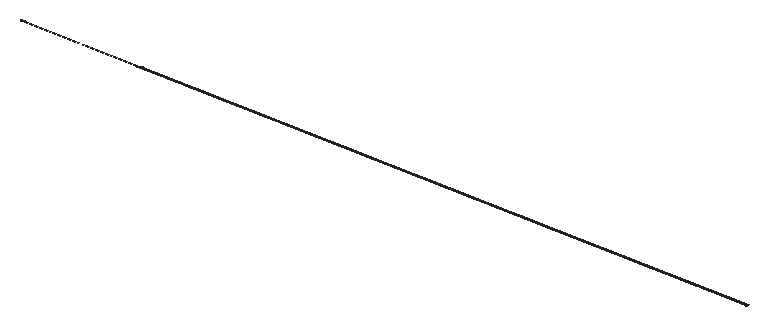
Revit family "0068176", category Lighting Fixtures, host Face, Revit 2017 (continued)
Automatic sketch dimensions
  Extrusion 57 sketch curve to Extrusion 57 sketch curve = 3.4 mm  (x6)
  Extrusion 58 sketch curve to Extrusion 58 sketch curve = 2.8 mm  (x6)
  Extrusion 58 sketch curve to Extrusion 58 sketch curve = 5.5 mm  (x5)
  Extrusion 58 sketch curve to Extrusion 58 sketch curve = 0 mm  (x5)
  Extrusion 58 sketch curve to Extrusion 58 sketch curve = 3.4 mm  (x6)
  Extrusion 59 sketch curve to Extrusion 59 sketch curve = 2.8 mm  (x6)
  Extrusion 59 sketch curve to Extrusion 59 sketch curve = 5.5 mm  (x5)
  Extrusion 59 sketch curve to Extrusion 59 sketch curve = 0 mm  (x5)
  Extrusion 59 sketch curve to Extrusion 59 sketch curve = 3.4 mm  (x6)
  Extrusion 60 sketch curve to Extrusion 60 sketch curve = 2.8 mm  (x6)
  Extrusion 60 sketch curve to Extrusion 60 sketch curve = 5.5 mm  (x5)
  Extrusion 60 sketch curve to Extrusion 60 sketch curve = 0 mm  (x5)
  Extrusion 60 sketch curve to Extrusion 60 sketch curve = 3.4 mm  (x6)
  Extrusion 61 sketch curve to Extrusion 61 sketch curve = 2.8 mm  (x6)
  Extrusion 61 sketch curve to Extrusion 61 sketch curve = 5.5 mm  (x5)
  Extrusion 61 sketch curve to Extrusion 61 sketch curve = 0 mm  (x5)
  Extrusion 61 sketch curve to Extrusion 61 sketch curve = 3.4 mm  (x6)
  Extrusion 62 sketch curve to Extrusion 62 sketch curve = 2.8 mm  (x6)
  Extrusion 62 sketch curve to Extrusion 62 sketch curve = 5.5 mm  (x5)
  Extrusion 62 sketch curve to Extrusion 62 sketch curve = 0 mm  (x5)
  Extrusion 62 sketch curve to Extrusion 62 sketch curve = 3.4 mm  (x6)
  Extrusion 63 sketch curve to Extrusion 63 sketch curve = 2.8 mm  (x6)
  Extrusion 63 sketch curve to Extrusion 63 sketch curve = 5.5 mm  (x5)
  Extrusion 63 sketch curve to Extrusion 63 sketch curve = 0 mm  (x5)
  Extrusion 63 sketch curve to Extrusion 63 sketch curve = 3.4 mm  (x6)
  Extrusion 64 sketch curve to Extrusion 64 sketch curve = 2.8 mm  (x6)
  Extrusion 64 sketch curve to Extrusion 64 sketch curve = 5.5 mm  (x5)
  Extrusion 64 sketch curve to Extrusion 64 sketch curve = 0 mm  (x5)
  Extrusion 64 sketch curve to Extrusion 64 sketch curve = 3.4 mm  (x6)
  Extrusion 65 sketch curve to Extrusion 65 sketch curve = 2.8 mm  (x6)
  Extrusion 65 sketch curve to Extrusion 65 sketch curve = 5.5 mm  (x5)
  Extrusion 65 sketch curve to Extrusion 65 sketch curve = 0 mm  (x5)
  Extrusion 65 sketch curve to Extrusion 65 sketch curve = 3.4 mm  (x6)
  Extrusion 66 sketch curve to Extrusion 66 sketch curve = 2.8 mm  (x6)
  Extrusion 66 sketch curve to Extrusion 66 sketch curve = 5.5 mm  (x5)
  Extrusion 66 sketch curve to Extrusion 66 sketch curve = 0 mm  (x5)
  Extrusion 66 sketch curve to Extrusion 66 sketch curve = 3.4 mm  (x6)
  Extrusion 67 sketch curve to Extrusion 67 sketch curve = 2.8 mm  (x6)
  Extrusion 67 sketch curve to Extrusion 67 sketch curve = 5.5 mm  (x5)
  Extrusion 67 sketch curve to Extrusion 67 sketch curve = 0 mm  (x5)
  Extrusion 67 sketch curve to Extrusion 67 sketch curve = 3.4 mm  (x6)
  Extrusion 68 sketch curve to Extrusion 68 sketch curve = 2.8 mm  (x6)
  Extrusion 68 sketch curve to Extrusion 68 sketch curve = 5.5 mm  (x5)
  Extrusion 68 sketch curve to Extrusion 68 sketch curve = 0 mm  (x5)
  Extrusion 68 sketch curve to Extrusion 68 sketch curve = 3.4 mm  (x6)
  Extrusion 69 sketch curve to Extrusion 69 sketch curve = 2.8 mm  (x6)
  Extrusion 69 sketch curve to Extrusion 69 sketch curve = 5.5 mm  (x5)
  Extrusion 69 sketch curve to Extrusion 69 sketch curve = 0 mm  (x5)
  Extrusion 69 sketch curve to Extrusion 69 sketch curve = 3.4 mm  (x6)
  Extrusion 70 sketch curve to Extrusion 70 sketch curve = 2.8 mm  (x6)
  Extrusion 70 sketch curve to Extrusion 70 sketch curve = 5.5 mm  (x5)
  Extrusion 70 sketch curve to Extrusion 70 sketch curve = 0 mm  (x5)
  Extrusion 70 sketch curve to Extrusion 70 sketch curve = 3.4 mm  (x6)
  Extrusion 71 sketch curve to Extrusion 71 sketch curve = 2.8 mm  (x6)
  Extrusion 71 sketch curve to Extrusion 71 sketch curve = 5.5 mm  (x5)
  Extrusion 71 sketch curve to Extrusion 71 sketch curve = 0 mm  (x5)
  Extrusion 71 sketch curve to Extrusion 71 sketch curve = 3.4 mm  (x6)
  Extrusion 72 sketch curve to Extrusion 72 sketch curve = 2.8 mm  (x6)
  Extrusion 72 sketch curve to Extrusion 72 sketch curve = 5.5 mm  (x5)
  Extrusion 72 sketch curve to Extrusion 72 sketch curve = 0 mm  (x5)
  Extrusion 72 sketch curve to Extrusion 72 sketch curve = 3.4 mm  (x6)
  Extrusion 73 sketch curve to Extrusion 73 sketch curve = 2.8 mm  (x6)
  Extrusion 73 sketch curve to Extrusion 73 sketch curve = 5.5 mm  (x5)
  Extrusion 73 sketch curve to Extrusion 73 sketch curve = 0 mm  (x5)
  Extrusion 73 sketch curve to Extrusion 73 sketch curve = 3.4 mm  (x6)
  Extrusion 74 sketch curve to Extrusion 74 sketch curve = 2.8 mm  (x6)
  Extrusion 74 sketch curve to Extrusion 74 sketch curve = 5.5 mm  (x5)
  Extrusion 74 sketch curve to Extrusion 74 sketch curve = 0 mm  (x5)
  Extrusion 74 sketch curve to Extrusion 74 sketch curve = 3.4 mm  (x6)
  Extrusion 75 sketch curve to Extrusion 75 sketch curve = 2.8 mm  (x6)
  Extrusion 75 sketch curve to Extrusion 75 sketch curve = 5.5 mm  (x5)
  Extrusion 75 sketch curve to Extrusion 75 sketch curve = 0 mm  (x5)
  Extrusion 75 sketch curve to Extrusion 75 sketch curve = 3.4 mm  (x6)
  Extrusion 76 sketch curve to Extrusion 76 sketch curve = 2.8 mm  (x6)
  Extrusion 76 sketch curve to Extrusion 76 sketch curve = 5.5 mm  (x5)
  Extrusion 76 sketch curve to Extrusion 76 sketch curve = 0 mm  (x5)
  Extrusion 76 sketch curve to Extrusion 76 sketch curve = 3.4 mm  (x6)
  Extrusion 77 sketch curve to Extrusion 77 sketch curve = 2.8 mm  (x6)
  Extrusion 77 sketch curve to Extrusion 77 sketch curve = 5.5 mm  (x5)
  Extrusion 77 sketch curve to Extrusion 77 sketch curve = 0 mm  (x5)
  Extrusion 77 sketch curve to Extrusion 77 sketch curve = 3.4 mm  (x6)
  Extrusion 78 sketch curve to Extrusion 78 sketch curve = 2.8 mm  (x6)
  Extrusion 78 sketch curve to Extrusion 78 sketch curve = 5.5 mm  (x5)
  Extrusion 78 sketch curve to Extrusion 78 sketch curve = 0 mm  (x5)
  Extrusion 78 sketch curve to Extrusion 78 sketch curve = 3.4 mm  (x6)
  Extrusion 79 sketch curve to Extrusion 79 sketch curve = 2.8 mm  (x6)
  Extrusion 79 sketch curve to Extrusion 79 sketch curve = 5.5 mm  (x5)
  Extrusion 79 sketch curve to Extrusion 79 sketch curve = 0 mm  (x5)
  Extrusion 79 sketch curve to Extrusion 79 sketch curve = 3.4 mm  (x6)
  Extrusion 80 sketch curve to Extrusion 80 sketch curve = 2.8 mm  (x6)
  Extrusion 80 sketch curve to Extrusion 80 sketch curve = 5.5 mm  (x5)
  Extrusion 80 sketch curve to Extrusion 80 sketch curve = 0 mm  (x5)
  Extrusion 80 sketch curve to Extrusion 80 sketch curve = 3.4 mm  (x6)
  Extrusion 81 sketch curve to Extrusion 81 sketch curve = 2.8 mm  (x6)
  Extrusion 81 sketch curve to Extrusion 81 sketch curve = 5.5 mm  (x5)
  Extrusion 81 sketch curve to Extrusion 81 sketch curve = 0 mm  (x5)
  Extrusion 81 sketch curve to Extrusion 81 sketch curve = 3.4 mm  (x6)
  Extrusion 82 sketch curve to Extrusion 82 sketch curve = 2.8 mm  (x6)
  Extrusion 82 sketch curve to Extrusion 82 sketch curve = 5.5 mm  (x5)
  Extrusion 82 sketch curve to Extrusion 82 sketch curve = 0 mm  (x5)
  Extrusion 82 sketch curve to Extrusion 82 sketch curve = 3.4 mm  (x6)
  Extrusion 83 sketch curve to Extrusion 83 sketch curve = 2.8 mm  (x6)
  Extrusion 83 sketch curve to Extrusion 83 sketch curve = 5.5 mm  (x5)
  Extrusion 83 sketch curve to Extrusion 83 sketch curve = 0 mm  (x5)
  Extrusion 83 sketch curve to Extrusion 83 sketch curve = 3.4 mm  (x6)
  Extrusion 84 sketch curve to Extrusion 84 sketch curve = 2.8 mm  (x6)
  Extrusion 84 sketch curve to Extrusion 84 sketch curve = 5.5 mm  (x5)
  Extrusion 84 sketch curve to Extrusion 84 sketch curve = 0 mm  (x5)
  Extrusion 84 sketch curve to Extrusion 84 sketch curve = 3.4 mm  (x6)
  Extrusion 85 sketch curve to Extrusion 85 sketch curve = 2.8 mm  (x6)
  Extrusion 85 sketch curve to Extrusion 85 sketch curve = 5.5 mm  (x5)
  Extrusion 85 sketch curve to Extrusion 85 sketch curve = 0 mm  (x5)
  Extrusion 85 sketch curve to Extrusion 85 sketch curve = 3.4 mm  (x6)
  Extrusion 86 sketch curve to Extrusion 86 sketch curve = 2.8 mm  (x6)
  Extrusion 86 sketch curve to Extrusion 86 sketch curve = 5.5 mm  (x5)
  Extrusion 86 sketch curve to Extrusion 86 sketch curve = 0 mm  (x5)
  Extrusion 86 sketch curve to Extrusion 86 sketch curve = 3.4 mm  (x6)
  Extrusion 87 sketch curve to Extrusion 87 sketch curve = 2.8 mm  (x6)
  Extrusion 87 sketch curve to Extrusion 87 sketch curve = 5.5 mm  (x5)
  Extrusion 87 sketch curve to Extrusion 87 sketch curve = 0 mm  (x5)
  Extrusion 87 sketch curve to Extrusion 87 sketch curve = 3.4 mm  (x6)
  Extrusion 88 sketch curve to Extrusion 88 sketch curve = 2.8 mm  (x6)
  Extrusion 88 sketch curve to Extrusion 88 sketch curve = 5.5 mm  (x5)
  Extrusion 88 sketch curve to Extrusion 88 sketch curve = 0 mm  (x5)
  Extrusion 88 sketch curve to Extrusion 88 sketch curve = 3.4 mm  (x6)
  Extrusion 89 sketch curve to Extrusion 89 sketch curve = 2.8 mm  (x6)
  Extrusion 89 sketch curve to Extrusion 89 sketch curve = 5.5 mm  (x5)
  Extrusion 89 sketch curve to Extrusion 89 sketch curve = 0 mm  (x5)
  Extrusion 89 sketch curve to Extrusion 89 sketch curve = 3.4 mm  (x6)
  Extrusion 90 sketch curve to Extrusion 90 sketch curve = 2.8 mm  (x6)
  Extrusion 90 sketch curve to Extrusion 90 sketch curve = 5.5 mm  (x5)
  Extrusion 90 sketch curve to Extrusion 90 sketch curve = 0 mm  (x5)
  Extrusion 90 sketch curve to Extrusion 90 sketch curve = 3.4 mm  (x6)
  Extrusion 91 sketch curve to Extrusion 91 sketch curve = 2.8 mm  (x6)
  Extrusion 91 sketch curve to Extrusion 91 sketch curve = 5.5 mm  (x5)
  Extrusion 91 sketch curve to Extrusion 91 sketch curve = 0 mm  (x5)
  Extrusion 91 sketch curve to Extrusion 91 sketch curve = 3.4 mm  (x6)
  Extrusion 92 sketch curve to Extrusion 92 sketch curve = 2.8 mm  (x6)
  Extrusion 92 sketch curve to Extrusion 92 sketch curve = 5.5 mm  (x5)
  Extrusion 92 sketch curve to Extrusion 92 sketch curve = 0 mm  (x5)
  Extrusion 92 sketch curve to Extrusion 92 sketch curve = 3.4 mm  (x6)
  Extrusion 93 sketch curve to Extrusion 93 sketch curve = 2.8 mm  (x6)
  Extrusion 93 sketch curve to Extrusion 93 sketch curve = 5.5 mm  (x5)
  Extrusion 93 sketch curve to Extrusion 93 sketch curve = 0 mm  (x5)
  Extrusion 93 sketch curve to Extrusion 93 sketch curve = 3.4 mm  (x6)
  Extrusion 94 sketch curve to Extrusion 94 sketch curve = 2.8 mm  (x6)
  Extrusion 94 sketch curve to Extrusion 94 sketch curve = 5.5 mm  (x5)
  Extrusion 94 sketch curve to Extrusion 94 sketch curve = 0 mm  (x5)
  Extrusion 94 sketch curve to Extrusion 94 sketch curve = 3.4 mm  (x6)
  Extrusion 95 sketch curve to Extrusion 95 sketch curve = 2.8 mm  (x6)
  Extrusion 95 sketch curve to Extrusion 95 sketch curve = 5.5 mm  (x5)
  Extrusion 95 sketch curve to Extrusion 95 sketch curve = 0 mm  (x5)
  Extrusion 95 sketch curve to Extrusion 95 sketch curve = 3.4 mm  (x6)
  Extrusion 96 sketch curve to Extrusion 96 sketch curve = 2.8 mm  (x6)
  Extrusion 96 sketch curve to Extrusion 96 sketch curve = 5.5 mm  (x5)
  Extrusion 96 sketch curve to Extrusion 96 sketch curve = 0 mm  (x5)
  Extrusion 96 sketch curve to Extrusion 96 sketch curve = 3.4 mm  (x6)
  Extrusion 97 sketch curve to Extrusion 97 sketch curve = 2.8 mm  (x6)
  Extrusion 97 sketch curve to Extrusion 97 sketch curve = 5.5 mm  (x5)
  Extrusion 97 sketch curve to Extrusion 97 sketch curve = 0 mm  (x5)
  Extrusion 97 sketch curve to Extrusion 97 sketch curve = 3.4 mm  (x6)
  Extrusion 98 sketch curve to Extrusion 98 sketch curve = 2.8 mm  (x6)
  Extrusion 98 sketch curve to Extrusion 98 sketch curve = 5.5 mm  (x5)
  Extrusion 98 sketch curve to Extrusion 98 sketch curve = 0 mm  (x5)
  Extrusion 98 sketch curve to Extrusion 98 sketch curve = 3.4 mm  (x6)
  Extrusion 99 sketch curve to Extrusion 99 sketch curve = 2.8 mm  (x6)
  Extrusion 99 sketch curve to Extrusion 99 sketch curve = 5.5 mm  (x5)
  Extrusion 99 sketch curve to Extrusion 99 sketch curve = 0 mm  (x5)
  Extrusion 99 sketch curve to Extrusion 99 sketch curve = 3.4 mm  (x6)
  Extrusion 100 sketch curve to Extrusion 100 sketch curve = 2.8 mm  (x6)
  Extrusion 100 sketch curve to Extrusion 100 sketch curve = 5.5 mm  (x5)
  Extrusion 100 sketch curve to Extrusion 100 sketch curve = 0 mm  (x5)
  Extrusion 100 sketch curve to Extrusion 100 sketch curve = 3.4 mm  (x6)
  Extrusion 101 sketch curve to Extrusion 101 sketch curve = 2.8 mm  (x6)
  Extrusion 101 sketch curve to Extrusion 101 sketch curve = 5.5 mm  (x5)
  Extrusion 101 sketch curve to Extrusion 101 sketch curve = 0 mm  (x5)
  Extrusion 101 sketch curve to Extrusion 101 sketch curve = 3.4 mm  (x6)
  Extrusion 102 sketch curve to Extrusion 102 sketch curve = 2.8 mm  (x6)
  Extrusion 102 sketch curve to Extrusion 102 sketch curve = 5.5 mm  (x5)
  Extrusion 102 sketch curve to Extrusion 102 sketch curve = 0 mm  (x5)
  Extrusion 102 sketch curve to Extrusion 102 sketch curve = 3.4 mm  (x6)
  Extrusion 103 sketch curve to Extrusion 103 sketch curve = 2.8 mm  (x6)
  Extrusion 103 sketch curve to Extrusion 103 sketch curve = 5.5 mm  (x5)
  Extrusion 103 sketch curve to Extrusion 103 sketch curve = 0 mm  (x5)
  Extrusion 103 sketch curve to Extrusion 103 sketch curve = 3.4 mm  (x6)
  Extrusion 104 sketch curve to Extrusion 104 sketch curve = 2.8 mm  (x6)
  Extrusion 104 sketch curve to Extrusion 104 sketch curve = 5.5 mm  (x5)
  Extrusion 104 sketch curve to Extrusion 104 sketch curve = 0 mm  (x5)
  Extrusion 104 sketch curve to Extrusion 104 sketch curve = 3.4 mm  (x6)
  Extrusion 105 sketch curve to Extrusion 105 sketch curve = 2.8 mm  (x6)
  Extrusion 105 sketch curve to Extrusion 105 sketch curve = 5.5 mm  (x5)
  Extrusion 105 sketch curve to Extrusion 105 sketch curve = 0 mm  (x5)
  Extrusion 105 sketch curve to Extrusion 105 sketch curve = 3.4 mm  (x6)
  Extrusion 106 sketch curve to Extrusion 106 sketch curve = 2.8 mm  (x6)
  Extrusion 106 sketch curve to Extrusion 106 sketch curve = 5.5 mm  (x5)
  Extrusion 106 sketch curve to Extrusion 106 sketch curve = 0 mm  (x5)
  Extrusion 106 sketch curve to Extrusion 106 sketch curve = 3.4 mm  (x6)
  Extrusion 7 sketch curve to Extrusion 7 sketch curve = 2.1 mm  (x4)
  Extrusion 7 sketch curve to Extrusion 7 sketch curve = 6.2 mm  (x2)
  Extrusion 7 sketch curve to Extrusion 7 sketch curve = 14.5 mm
  Extrusion 7 sketch curve to Extrusion 7 sketch curve = 0 mm  (x3)
  Extrusion 7 sketch curve to Extrusion 7 sketch curve = 3 mm  (x4)
  Extrusion 107 sketch curve to Extrusion 107 sketch curve = 2.1 mm  (x4)
  Extrusion 107 sketch curve to Extrusion 107 sketch curve = 6.2 mm  (x2)
  Extrusion 107 sketch curve to Extrusion 107 sketch curve = 14.5 mm
  Extrusion 107 sketch curve to Extrusion 107 sketch curve = 0 mm  (x3)
  Extrusion 107 sketch curve to Extrusion 107 sketch curve = 3 mm  (x4)
  Extrusion 108 sketch curve to Extrusion 108 sketch curve = 2.1 mm  (x4)
  Extrusion 108 sketch curve to Extrusion 108 sketch curve = 6.2 mm  (x2)
  Extrusion 108 sketch curve to Extrusion 108 sketch curve = 14.5 mm
  Extrusion 108 sketch curve to Extrusion 108 sketch curve = 0 mm  (x3)
  Extrusion 108 sketch curve to Extrusion 108 sketch curve = 3 mm  (x4)
  Extrusion 109 sketch curve to Extrusion 109 sketch curve = 2.1 mm  (x4)
  Extrusion 109 sketch curve to Extrusion 109 sketch curve = 6.2 mm  (x2)
  Extrusion 109 sketch curve to Extrusion 109 sketch curve = 14.5 mm
  Extrusion 109 sketch curve to Extrusion 109 sketch curve = 0 mm  (x3)
  Extrusion 109 sketch curve to Extrusion 109 sketch curve = 3 mm  (x4)
  Extrusion 110 sketch curve to Extrusion 110 sketch curve = 2.1 mm  (x4)
  Extrusion 110 sketch curve to Extrusion 110 sketch curve = 6.2 mm  (x2)
  Extrusion 110 sketch curve to Extrusion 110 sketch curve = 14.5 mm
  Extrusion 110 sketch curve to Extrusion 110 sketch curve = 0 mm  (x3)
  Extrusion 110 sketch curve to Extrusion 110 sketch curve = 3 mm  (x4)
  Extrusion 111 sketch curve to Extrusion 111 sketch curve = 2.1 mm  (x4)
  Extrusion 111 sketch curve to Extrusion 111 sketch curve = 6.2 mm  (x2)
  Extrusion 111 sketch curve to Extrusion 111 sketch curve = 14.5 mm
  Extrusion 111 sketch curve to Extrusion 111 sketch curve = 0 mm  (x3)
  Extrusion 111 sketch curve to Extrusion 111 sketch curve = 3 mm  (x4)
  Extrusion 112 sketch curve to Extrusion 112 sketch curve = 2.1 mm  (x4)
  Extrusion 112 sketch curve to Extrusion 112 sketch curve = 6.2 mm  (x2)
  Extrusion 112 sketch curve to Extrusion 112 sketch curve = 14.5 mm
  Extrusion 112 sketch curve to Extrusion 112 sketch curve = 0 mm  (x3)
  Extrusion 112 sketch curve to Extrusion 112 sketch curve = 3 mm  (x4)
  Extrusion 113 sketch curve to Extrusion 113 sketch curve = 2.1 mm  (x4)
  Extrusion 113 sketch curve to Extrusion 113 sketch curve = 6.2 mm  (x2)
  Extrusion 113 sketch curve to Extrusion 113 sketch curve = 14.5 mm
  Extrusion 113 sketch curve to Extrusion 113 sketch curve = 0 mm  (x3)
  Extrusion 113 sketch curve to Extrusion 113 sketch curve = 3 mm  (x4)
  Extrusion 114 sketch curve to Extrusion 114 sketch curve = 2.1 mm  (x4)
  Extrusion 114 sketch curve to Extrusion 114 sketch curve = 6.2 mm  (x2)
  Extrusion 114 sketch curve to Extrusion 114 sketch curve = 14.5 mm
  Extrusion 114 sketch curve to Extrusion 114 sketch curve = 0 mm  (x3)
  Extrusion 114 sketch curve to Extrusion 114 sketch curve = 3 mm  (x4)
  Extrusion 115 sketch curve to Extrusion 115 sketch curve = 2.1 mm  (x4)
  Extrusion 115 sketch curve to Extrusion 115 sketch curve = 6.2 mm  (x2)
  Extrusion 115 sketch curve to Extrusion 115 sketch curve = 14.5 mm
  Extrusion 115 sketch curve to Extrusion 115 sketch curve = 0 mm  (x3)
  Extrusion 115 sketch curve to Extrusion 115 sketch curve = 3 mm  (x4)
  Extrusion 116 sketch curve to Extrusion 116 sketch curve = 2.1 mm  (x4)
  Extrusion 116 sketch curve to Extrusion 116 sketch curve = 6.2 mm  (x2)
  Extrusion 116 sketch curve to Extrusion 116 sketch curve = 14.5 mm
  Extrusion 116 sketch curve to Extrusion 116 sketch curve = 0 mm  (x3)
  Extrusion 116 sketch curve to Extrusion 116 sketch curve = 3 mm  (x4)
  Extrusion 117 sketch curve to Extrusion 117 sketch curve = 2.1 mm  (x4)
  Extrusion 117 sketch curve to Extrusion 117 sketch curve = 6.2 mm  (x2)
  Extrusion 117 sketch curve to Extrusion 117 sketch curve = 14.5 mm
  Extrusion 117 sketch curve to Extrusion 117 sketch curve = 0 mm  (x3)
  Extrusion 117 sketch curve to Extrusion 117 sketch curve = 3 mm  (x4)
  Extrusion 118 sketch curve to Extrusion 118 sketch curve = 2.1 mm  (x4)
  Extrusion 118 sketch curve to Extrusion 118 sketch curve = 6.2 mm  (x2)
  Extrusion 118 sketch curve to Extrusion 118 sketch curve = 14.5 mm
  Extrusion 118 sketch curve to Extrusion 118 sketch curve = 0 mm  (x3)
  Extrusion 118 sketch curve to Extrusion 118 sketch curve = 3 mm  (x4)
  Extrusion 119 sketch curve to Extrusion 119 sketch curve = 2.1 mm  (x4)
  Extrusion 119 sketch curve to Extrusion 119 sketch curve = 6.2 mm  (x2)
  Extrusion 119 sketch curve to Extrusion 119 sketch curve = 14.5 mm
  Extrusion 119 sketch curve to Extrusion 119 sketch curve = 0 mm  (x3)
  Extrusion 119 sketch curve to Extrusion 119 sketch curve = 3 mm  (x4)
  Extrusion 120 sketch curve to Extrusion 120 sketch curve = 2.1 mm  (x4)
  Extrusion 120 sketch curve to Extrusion 120 sketch curve = 6.2 mm  (x2)
  Extrusion 120 sketch curve to Extrusion 120 sketch curve = 14.5 mm
  Extrusion 120 sketch curve to Extrusion 120 sketch curve = 0 mm  (x3)
  Extrusion 120 sketch curve to Extrusion 120 sketch curve = 3 mm  (x4)
  Extrusion 121 sketch curve to Extrusion 121 sketch curve = 2.1 mm  (x4)
  Extrusion 121 sketch curve to Extrusion 121 sketch curve = 6.2 mm  (x2)
  Extrusion 121 sketch curve to Extrusion 121 sketch curve = 14.5 mm
  Extrusion 121 sketch curve to Extrusion 121 sketch curve = 0 mm  (x3)
  Extrusion 121 sketch curve to Extrusion 121 sketch curve = 3 mm  (x4)
  Extrusion 122 sketch curve to Extrusion 122 sketch curve = 2.1 mm  (x4)
  Extrusion 122 sketch curve to Extrusion 122 sketch curve = 6.2 mm  (x2)
  Extrusion 122 sketch curve to Extrusion 122 sketch curve = 14.5 mm
  Extrusion 122 sketch curve to Extrusion 122 sketch curve = 0 mm  (x3)
  Extrusion 122 sketch curve to Extrusion 122 sketch curve = 3 mm  (x4)
  Extrusion 123 sketch curve to Extrusion 123 sketch curve = 2.1 mm  (x4)
  Extrusion 123 sketch curve to Extrusion 123 sketch curve = 6.2 mm  (x2)
  Extrusion 123 sketch curve to Extrusion 123 sketch curve = 14.5 mm
  Extrusion 123 sketch curve to Extrusion 123 sketch curve = 0 mm  (x3)
  Extrusion 123 sketch curve to Extrusion 123 sketch curve = 3 mm  (x4)
  Extrusion 124 sketch curve to Extrusion 124 sketch curve = 2.1 mm  (x4)
  Extrusion 124 sketch curve to Extrusion 124 sketch curve = 6.2 mm  (x2)
  Extrusion 124 sketch curve to Extrusion 124 sketch curve = 14.5 mm
  Extrusion 124 sketch curve to Extrusion 124 sketch curve = 0 mm  (x3)
  Extrusion 124 sketch curve to Extrusion 124 sketch curve = 3 mm  (x4)
  Extrusion 125 sketch curve to Extrusion 125 sketch curve = 2.1 mm  (x4)
  Extrusion 125 sketch curve to Extrusion 125 sketch curve = 6.2 mm  (x2)
  Extrusion 125 sketch curve to Extrusion 125 sketch curve = 14.5 mm
  Extrusion 125 sketch curve to Extrusion 125 sketch curve = 0 mm  (x3)
  Extrusion 125 sketch curve to Extrusion 125 sketch curve = 3 mm  (x4)
  Extrusion 126 sketch curve to Extrusion 126 sketch curve = 2.1 mm  (x4)
  Extrusion 126 sketch curve to Extrusion 126 sketch curve = 6.2 mm  (x2)
  Extrusion 126 sketch curve to Extrusion 126 sketch curve = 14.5 mm
  Extrusion 126 sketch curve to Extrusion 126 sketch curve = 0 mm  (x3)
  Extrusion 126 sketch curve to Extrusion 126 sketch curve = 3 mm  (x4)
  Extrusion 127 sketch curve to Extrusion 127 sketch curve = 2.1 mm  (x4)
  Extrusion 127 sketch curve to Extrusion 127 sketch curve = 6.2 mm  (x2)
  Extrusion 127 sketch curve to Extrusion 127 sketch curve = 14.5 mm
  Extrusion 127 sketch curve to Extrusion 127 sketch curve = 0 mm  (x3)
  Extrusion 127 sketch curve to Extrusion 127 sketch curve = 3 mm  (x4)
  Extrusion 128 sketch curve to Extrusion 128 sketch curve = 2.1 mm  (x4)
  Extrusion 128 sketch curve to Extrusion 128 sketch curve = 6.2 mm  (x2)
  Extrusion 128 sketch curve to Extrusion 128 sketch curve = 14.5 mm
  Extrusion 128 sketch curve to Extrusion 128 sketch curve = 0 mm  (x3)
  Extrusion 128 sketch curve to Extrusion 128 sketch curve = 3 mm  (x4)
  Extrusion 129 sketch curve to Extrusion 129 sketch curve = 2.1 mm  (x4)
  Extrusion 129 sketch curve to Extrusion 129 sketch curve = 6.2 mm  (x2)
  Extrusion 129 sketch curve to Extrusion 129 sketch curve = 14.5 mm
  Extrusion 129 sketch curve to Extrusion 129 sketch curve = 0 mm  (x3)
  Extrusion 129 sketch curve to Extrusion 129 sketch curve = 3 mm  (x4)
  Extrusion 130 sketch curve to Extrusion 130 sketch curve = 2.1 mm  (x4)
  Extrusion 130 sketch curve to Extrusion 130 sketch curve = 6.2 mm  (x2)
  Extrusion 130 sketch curve to Extrusion 130 sketch curve = 14.5 mm
  Extrusion 130 sketch curve to Extrusion 130 sketch curve = 0 mm  (x3)
  Extrusion 130 sketch curve to Extrusion 130 sketch curve = 3 mm  (x4)
  Extrusion 131 sketch curve to Extrusion 131 sketch curve = 2.1 mm  (x4)
  Extrusion 131 sketch curve to Extrusion 131 sketch curve = 6.2 mm  (x2)
  Extrusion 131 sketch curve to Extrusion 131 sketch curve = 14.5 mm
  Extrusion 131 sketch curve to Extrusion 131 sketch curve = 0 mm  (x3)
  Extrusion 131 sketch curve to Extrusion 131 sketch curve = 3 mm  (x4)
  Extrusion 132 sketch curve to Extrusion 132 sketch curve = 2.1 mm  (x4)
  Extrusion 132 sketch curve to Extrusion 132 sketch curve = 6.2 mm  (x2)
  Extrusion 132 sketch curve to Extrusion 132 sketch curve = 14.5 mm
  Extrusion 132 sketch curve to Extrusion 132 sketch curve = 0 mm  (x3)
  Extrusion 132 sketch curve to Extrusion 132 sketch curve = 3 mm  (x4)
  Extrusion 133 sketch curve to Extrusion 133 sketch curve = 2.1 mm  (x4)
  Extrusion 133 sketch curve to Extrusion 133 sketch curve = 6.2 mm  (x2)
  Extrusion 133 sketch curve to Extrusion 133 sketch curve = 14.5 mm
  Extrusion 133 sketch curve to Extrusion 133 sketch curve = 0 mm  (x3)
  Extrusion 133 sketch curve to Extrusion 133 sketch curve = 3 mm  (x4)
  Extrusion 134 sketch curve to Extrusion 134 sketch curve = 2.1 mm  (x4)
  Extrusion 134 sketch curve to Extrusion 134 sketch curve = 6.2 mm  (x2)
  Extrusion 134 sketch curve to Extrusion 134 sketch curve = 14.5 mm
  Extrusion 134 sketch curve to Extrusion 134 sketch curve = 0 mm  (x3)
  Extrusion 134 sketch curve to Extrusion 134 sketch curve = 3 mm  (x4)
  Extrusion 135 sketch curve to Extrusion 135 sketch curve = 2.1 mm  (x4)
  Extrusion 135 sketch curve to Extrusion 135 sketch curve = 6.2 mm  (x2)
  Extrusion 135 sketch curve to Extrusion 135 sketch curve = 14.5 mm
  Extrusion 135 sketch curve to Extrusion 135 sketch curve = 0 mm  (x3)
  Extrusion 135 sketch curve to Extrusion 135 sketch curve = 3 mm  (x4)
  Extrusion 136 sketch curve to Extrusion 136 sketch curve = 2.1 mm  (x4)
  Extrusion 136 sketch curve to Extrusion 136 sketch curve = 6.2 mm  (x2)
  Extrusion 136 sketch curve to Extrusion 136 sketch curve = 14.5 mm
  Extrusion 136 sketch curve to Extrusion 136 sketch curve = 0 mm  (x3)
  Extrusion 136 sketch curve to Extrusion 136 sketch curve = 3 mm  (x4)
  Extrusion 137 sketch curve to Extrusion 137 sketch curve = 2.1 mm  (x4)
  Extrusion 137 sketch curve to Extrusion 137 sketch curve = 6.2 mm  (x2)
  Extrusion 137 sketch curve to Extrusion 137 sketch curve = 14.5 mm
  Extrusion 137 sketch curve to Extrusion 137 sketch curve = 0 mm  (x3)
  Extrusion 137 sketch curve to Extrusion 137 sketch curve = 3 mm  (x4)
  Extrusion 138 sketch curve to Extrusion 138 sketch curve = 2.1 mm  (x4)
  Extrusion 138 sketch curve to Extrusion 138 sketch curve = 6.2 mm  (x2)
  Extrusion 138 sketch curve to Extrusion 138 sketch curve = 14.5 mm
  Extrusion 138 sketch curve to Extrusion 138 sketch curve = 0 mm  (x3)
  Extrusion 138 sketch curve to Extrusion 138 sketch curve = 3 mm  (x4)
  Extrusion 139 sketch curve to Extrusion 139 sketch curve = 2.1 mm  (x4)
  Extrusion 139 sketch curve to Extrusion 139 sketch curve = 6.2 mm  (x2)
  Extrusion 139 sketch curve to Extrusion 139 sketch curve = 14.5 mm
  Extrusion 139 sketch curve to Extrusion 139 sketch curve = 0 mm  (x3)
  Extrusion 139 sketch curve to Extrusion 139 sketch curve = 3 mm  (x4)
  Extrusion 140 sketch curve to Extrusion 140 sketch curve = 2.1 mm  (x4)
  Extrusion 140 sketch curve to Extrusion 140 sketch curve = 6.2 mm  (x2)
  Extrusion 140 sketch curve to Extrusion 140 sketch curve = 14.5 mm
  Extrusion 140 sketch curve to Extrusion 140 sketch curve = 0 mm  (x3)
  Extrusion 140 sketch curve to Extrusion 140 sketch curve = 3 mm  (x4)
  Extrusion 141 sketch curve to Extrusion 141 sketch curve = 2.1 mm  (x4)
  Extrusion 141 sketch curve to Extrusion 141 sketch curve = 6.2 mm  (x2)
  Extrusion 141 sketch curve to Extrusion 141 sketch curve = 14.5 mm
  Extrusion 141 sketch curve to Extrusion 141 sketch curve = 0 mm  (x3)
  Extrusion 141 sketch curve to Extrusion 141 sketch curve = 3 mm  (x4)
  Extrusion 142 sketch curve to Extrusion 142 sketch curve = 2.1 mm  (x4)
  Extrusion 142 sketch curve to Extrusion 142 sketch curve = 6.2 mm  (x2)
  Extrusion 142 sketch curve to Extrusion 142 sketch curve = 14.5 mm
  Extrusion 142 sketch curve to Extrusion 142 sketch curve = 0 mm  (x3)
  Extrusion 142 sketch curve to Extrusion 142 sketch curve = 3 mm  (x4)
  Extrusion 143 sketch curve to Extrusion 143 sketch curve = 2.1 mm  (x4)
  Extrusion 143 sketch curve to Extrusion 143 sketch curve = 6.2 mm  (x2)
  Extrusion 143 sketch curve to Extrusion 143 sketch curve = 14.5 mm
  Extrusion 143 sketch curve to Extrusion 143 sketch curve = 0 mm  (x3)
  Extrusion 143 sketch curve to Extrusion 143 sketch curve = 3 mm  (x4)
  Extrusion 144 sketch curve to Extrusion 144 sketch curve = 2.1 mm  (x4)
  Extrusion 144 sketch curve to Extrusion 144 sketch curve = 6.2 mm  (x2)
  Extrusion 144 sketch curve to Extrusion 144 sketch curve = 14.5 mm
  Extrusion 144 sketch curve to Extrusion 144 sketch curve = 0 mm  (x3)
  Extrusion 144 sketch curve to Extrusion 144 sketch curve = 3 mm  (x4)
  Extrusion 145 sketch curve to Extrusion 145 sketch curve = 2.1 mm  (x4)
  Extrusion 145 sketch curve to Extrusion 145 sketch curve = 6.2 mm  (x2)
  Extrusion 145 sketch curve to Extrusion 145 sketch curve = 14.5 mm
  Extrusion 145 sketch curve to Extrusion 145 sketch curve = 0 mm  (x3)
  Extrusion 145 sketch curve to Extrusion 145 sketch curve = 3 mm  (x4)
  Extrusion 146 sketch curve to Extrusion 146 sketch curve = 2.1 mm  (x4)
  Extrusion 146 sketch curve to Extrusion 146 sketch curve = 6.2 mm  (x2)
  Extrusion 146 sketch curve to Extrusion 146 sketch curve = 14.5 mm
  Extrusion 146 sketch curve to Extrusion 146 sketch curve = 0 mm  (x3)
  Extrusion 146 sketch curve to Extrusion 146 sketch curve = 3 mm  (x4)
  Extrusion 147 sketch curve to Extrusion 147 sketch curve = 2.1 mm  (x4)
  Extrusion 147 sketch curve to Extrusion 147 sketch curve = 6.2 mm  (x2)
  Extrusion 147 sketch curve to Extrusion 147 sketch curve = 14.5 mm
  Extrusion 147 sketch curve to Extrusion 147 sketch curve = 0 mm  (x3)
  Extrusion 147 sketch curve to Extrusion 147 sketch curve = 3 mm  (x4)
  Extrusion 148 sketch curve to Extrusion 148 sketch curve = 2.1 mm  (x4)
  Extrusion 148 sketch curve to Extrusion 148 sketch curve = 6.2 mm  (x2)
  Extrusion 148 sketch curve to Extrusion 148 sketch curve = 14.5 mm
  Extrusion 148 sketch curve to Extrusion 148 sketch curve = 0 mm  (x3)
  Extrusion 148 sketch curve to Extrusion 148 sketch curve = 3 mm  (x4)
  Extrusion 149 sketch curve to Extrusion 149 sketch curve = 2.1 mm  (x4)
  Extrusion 149 sketch curve to Extrusion 149 sketch curve = 6.2 mm  (x2)
  Extrusion 149 sketch curve to Extrusion 149 sketch curve = 14.5 mm
  Extrusion 149 sketch curve to Extrusion 149 sketch curve = 0 mm  (x3)
  Extrusion 149 sketch curve to Extrusion 149 sketch curve = 3 mm  (x4)
  Extrusion 150 sketch curve to Extrusion 150 sketch curve = 2.1 mm  (x4)
  Extrusion 150 sketch curve to Extrusion 150 sketch curve = 6.2 mm  (x2)
  Extrusion 150 sketch curve to Extrusion 150 sketch curve = 14.5 mm
  Extrusion 150 sketch curve to Extrusion 150 sketch curve = 0 mm  (x3)
  Extrusion 150 sketch curve to Extrusion 150 sketch curve = 3 mm  (x4)
  Extrusion 151 sketch curve to Extrusion 151 sketch curve = 2.1 mm  (x4)
  Extrusion 151 sketch curve to Extrusion 151 sketch curve = 6.2 mm  (x2)
  Extrusion 151 sketch curve to Extrusion 151 sketch curve = 14.5 mm
  Extrusion 151 sketch curve to Extrusion 151 sketch curve = 0 mm  (x3)
  Extrusion 151 sketch curve to Extrusion 151 sketch curve = 3 mm  (x4)
  Extrusion 152 sketch curve to Extrusion 152 sketch curve = 2.1 mm  (x4)
  Extrusion 152 sketch curve to Extrusion 152 sketch curve = 6.2 mm  (x2)
  Extrusion 152 sketch curve to Extrusion 152 sketch curve = 14.5 mm
  Extrusion 152 sketch curve to Extrusion 152 sketch curve = 0 mm  (x3)
  Extrusion 152 sketch curve to Extrusion 152 sketch curve = 3 mm  (x4)
  Extrusion 153 sketch curve to Extrusion 153 sketch curve = 2.1 mm  (x4)
  Extrusion 153 sketch curve to Extrusion 153 sketch curve = 6.2 mm  (x2)
  Extrusion 153 sketch curve to Extrusion 153 sketch curve = 14.5 mm
  Extrusion 153 sketch curve to Extrusion 153 sketch curve = 0 mm  (x3)
  Extrusion 153 sketch curve to Extrusion 153 sketch curve = 3 mm  (x4)
  Extrusion 154 sketch curve to Extrusion 154 sketch curve = 2.1 mm  (x4)
  Extrusion 154 sketch curve to Extrusion 154 sketch curve = 6.2 mm  (x2)
  Extrusion 154 sketch curve to Extrusion 154 sketch curve = 14.5 mm
  Extrusion 154 sketch curve to Extrusion 154 sketch curve = 0 mm  (x3)
  Extrusion 154 sketch curve to Extrusion 154 sketch curve = 3 mm  (x4)
  Extrusion 155 sketch curve to Extrusion 155 sketch curve = 2.1 mm  (x4)
  Extrusion 155 sketch curve to Extrusion 155 sketch curve = 6.2 mm  (x2)
  Extrusion 155 sketch curve to Extrusion 155 sketch curve = 14.5 mm
  Extrusion 155 sketch curve to Extrusion 155 sketch curve = 0 mm  (x3)
  Extrusion 155 sketch curve to Extrusion 155 sketch curve = 3 mm  (x4)
  Extrusion 156 sketch curve to Extrusion 156 sketch curve = 2.1 mm  (x4)
  Extrusion 156 sketch curve to Extrusion 156 sketch curve = 6.2 mm  (x2)
  Extrusion 156 sketch curve to Extrusion 156 sketch curve = 14.5 mm
  Extrusion 156 sketch curve to Extrusion 156 sketch curve = 0 mm  (x3)
  Extrusion 156 sketch curve to Extrusion 156 sketch curve = 3 mm  (x4)
  Extrusion 157 sketch curve to Extrusion 157 sketch curve = 2.1 mm  (x4)
  Extrusion 157 sketch curve to Extrusion 157 sketch curve = 6.2 mm  (x2)
  Extrusion 157 sketch curve to Extrusion 157 sketch curve = 14.5 mm
  Extrusion 157 sketch curve to Extrusion 157 sketch curve = 0 mm  (x3)
  Extrusion 157 sketch curve to Extrusion 157 sketch curve = 3 mm  (x4)
  Extrusion 158 sketch curve to Extrusion 158 sketch curve = 2.1 mm  (x4)
  Extrusion 158 sketch curve to Extrusion 158 sketch curve = 6.2 mm  (x2)
  Extrusion 158 sketch curve to Extrusion 158 sketch curve = 14.5 mm
  Extrusion 158 sketch curve to Extrusion 158 sketch curve = 0 mm  (x3)
  Extrusion 158 sketch curve to Extrusion 158 sketch curve = 3 mm  (x4)
  Extrusion 159 sketch curve to Extrusion 159 sketch curve = 2.1 mm  (x4)
  Extrusion 159 sketch curve to Extrusion 159 sketch curve = 6.2 mm  (x2)
  Extrusion 159 sketch curve to Extrusion 159 sketch curve = 14.5 mm
  Extrusion 159 sketch curve to Extrusion 159 sketch curve = 0 mm  (x3)
  Extrusion 159 sketch curve to Extrusion 159 sketch curve = 3 mm  (x4)
  Extrusion 160 sketch curve to Extrusion 160 sketch curve = 2.1 mm  (x4)
  Extrusion 160 sketch curve to Extrusion 160 sketch curve = 6.2 mm  (x2)
  Extrusion 160 sketch curve to Extrusion 160 sketch curve = 14.5 mm
  Extrusion 160 sketch curve to Extrusion 160 sketch curve = 0 mm  (x3)
  Extrusion 160 sketch curve to Extrusion 160 sketch curve = 3 mm  (x4)
  Extrusion 161 sketch curve to Extrusion 161 sketch curve = 2.1 mm  (x4)
  Extrusion 161 sketch curve to Extrusion 161 sketch curve = 6.2 mm  (x2)
  Extrusion 161 sketch curve to Extrusion 161 sketch curve = 14.5 mm
  Extrusion 161 sketch curve to Extrusion 161 sketch curve = 0 mm  (x3)
  Extrusion 161 sketch curve to Extrusion 161 sketch curve = 3 mm  (x4)
  Extrusion 162 sketch curve to Extrusion 162 sketch curve = 2.1 mm  (x4)
  Extrusion 162 sketch curve to Extrusion 162 sketch curve = 6.2 mm  (x2)
  Extrusion 162 sketch curve to Extrusion 162 sketch curve = 14.5 mm
  Extrusion 162 sketch curve to Extrusion 162 sketch curve = 0 mm  (x3)
  Extrusion 162 sketch curve to Extrusion 162 sketch curve = 3 mm  (x4)
  Extrusion 163 sketch curve to Extrusion 163 sketch curve = 2.1 mm  (x4)
  Extrusion 163 sketch curve to Extrusion 163 sketch curve = 6.2 mm  (x2)
  Extrusion 163 sketch curve to Extrusion 163 sketch curve = 14.5 mm
  Extrusion 163 sketch curve to Extrusion 163 sketch curve = 0 mm  (x3)
  Extrusion 163 sketch curve to Extrusion 163 sketch curve = 3 mm  (x4)
  Extrusion 164 sketch curve to Extrusion 164 sketch curve = 2.1 mm  (x4)
  Extrusion 164 sketch curve to Extrusion 164 sketch curve = 6.2 mm  (x2)
  Extrusion 164 sketch curve to Extrusion 164 sketch curve = 14.5 mm
  Extrusion 164 sketch curve to Extrusion 164 sketch curve = 0 mm  (x3)
  Extrusion 164 sketch curve to Extrusion 164 sketch curve = 3 mm  (x4)
  Extrusion 165 sketch curve to Extrusion 165 sketch curve = 2.1 mm  (x4)
  Extrusion 165 sketch curve to Extrusion 165 sketch curve = 6.2 mm  (x2)
  Extrusion 165 sketch curve to Extrusion 165 sketch curve = 14.5 mm
  Extrusion 165 sketch curve to Extrusion 165 sketch curve = 0 mm  (x3)
  Extrusion 165 sketch curve to Extrusion 165 sketch curve = 3 mm  (x4)
  Extrusion 166 sketch curve to Extrusion 166 sketch curve = 2.1 mm  (x4)
  Extrusion 166 sketch curve to Extrusion 166 sketch curve = 6.2 mm  (x2)
  Extrusion 166 sketch curve to Extrusion 166 sketch curve = 14.5 mm
  Extrusion 166 sketch curve to Extrusion 166 sketch curve = 0 mm  (x3)
  Extrusion 166 sketch curve to Extrusion 166 sketch curve = 3 mm  (x4)
  Extrusion 167 sketch curve to Extrusion 167 sketch curve = 2.1 mm  (x4)
  Extrusion 167 sketch curve to Extrusion 167 sketch curve = 6.2 mm  (x2)
  Extrusion 167 sketch curve to Extrusion 167 sketch curve = 14.5 mm
  Extrusion 167 sketch curve to Extrusion 167 sketch curve = 0 mm  (x3)
  Extrusion 167 sketch curve to Extrusion 167 sketch curve = 3 mm  (x4)
  Extrusion 168 sketch curve to Extrusion 168 sketch curve = 2.1 mm  (x4)
  Extrusion 168 sketch curve to Extrusion 168 sketch curve = 6.2 mm  (x2)
  Extrusion 168 sketch curve to Extrusion 168 sketch curve = 14.5 mm
  Extrusion 168 sketch curve to Extrusion 168 sketch curve = 0 mm  (x3)
  Extrusion 168 sketch curve to Extrusion 168 sketch curve = 3 mm  (x4)
  Extrusion 169 sketch curve to Extrusion 169 sketch curve = 2.1 mm  (x4)
  Extrusion 169 sketch curve to Extrusion 169 sketch curve = 6.2 mm  (x2)
  Extrusion 169 sketch curve to Extrusion 169 sketch curve = 14.5 mm
  Extrusion 169 sketch curve to Extrusion 169 sketch curve = 0 mm  (x3)
  Extrusion 169 sketch curve to Extrusion 169 sketch curve = 3 mm  (x4)
  Extrusion 170 sketch curve to Extrusion 170 sketch curve = 2.1 mm  (x4)
  Extrusion 170 sketch curve to Extrusion 170 sketch curve = 6.2 mm  (x2)
  Extrusion 170 sketch curve to Extrusion 170 sketch curve = 14.5 mm
  Extrusion 170 sketch curve to Extrusion 170 sketch curve = 0 mm  (x3)
  Extrusion 170 sketch curve to Extrusion 170 sketch curve = 3 mm  (x4)
  Extrusion 171 sketch curve to Extrusion 171 sketch curve = 2.1 mm  (x4)
  Extrusion 171 sketch curve to Extrusion 171 sketch curve = 6.2 mm  (x2)
  Extrusion 171 sketch curve to Extrusion 171 sketch curve = 14.5 mm
  Extrusion 171 sketch curve to Extrusion 171 sketch curve = 0 mm  (x3)
  Extrusion 171 sketch curve to Extrusion 171 sketch curve = 3 mm  (x4)
  Extrusion 172 sketch curve to Extrusion 172 sketch curve = 2.1 mm  (x4)
  Extrusion 172 sketch curve to Extrusion 172 sketch curve = 6.2 mm  (x2)
  Extrusion 172 sketch curve to Extrusion 172 sketch curve = 14.5 mm
  Extrusion 172 sketch curve to Extrusion 172 sketch curve = 0 mm  (x3)
  Extrusion 172 sketch curve to Extrusion 172 sketch curve = 3 mm  (x4)
  Extrusion 173 sketch curve to Extrusion 173 sketch curve = 2.1 mm  (x4)
  Extrusion 173 sketch curve to Extrusion 173 sketch curve = 6.2 mm  (x2)
  Extrusion 173 sketch curve to Extrusion 173 sketch curve = 14.5 mm
  Extrusion 173 sketch curve to Extrusion 173 sketch curve = 0 mm  (x3)
  Extrusion 173 sketch curve to Extrusion 173 sketch curve = 3 mm  (x4)
  Extrusion 174 sketch curve to Extrusion 174 sketch curve = 2.1 mm  (x4)
  Extrusion 174 sketch curve to Extrusion 174 sketch curve = 6.2 mm  (x2)
  Extrusion 174 sketch curve to Extrusion 174 sketch curve = 14.5 mm
  Extrusion 174 sketch curve to Extrusion 174 sketch curve = 0 mm  (x3)
  Extrusion 174 sketch curve to Extrusion 174 sketch curve = 3 mm  (x4)
  Extrusion 175 sketch curve to Extrusion 175 sketch curve = 2.1 mm  (x4)
  Extrusion 175 sketch curve to Extrusion 175 sketch curve = 6.2 mm  (x2)
  Extrusion 175 sketch curve to Extrusion 175 sketch curve = 14.5 mm
  Extrusion 175 sketch curve to Extrusion 175 sketch curve = 0 mm  (x3)
  Extrusion 175 sketch curve to Extrusion 175 sketch curve = 3 mm  (x4)
  Extrusion 176 sketch curve to Extrusion 176 sketch curve = 2.1 mm  (x4)
  Extrusion 176 sketch curve to Extrusion 176 sketch curve = 6.2 mm  (x2)
  Extrusion 176 sketch curve to Extrusion 176 sketch curve = 14.5 mm
  Extrusion 176 sketch curve to Extrusion 176 sketch curve = 0 mm  (x3)
  Extrusion 176 sketch curve to Extrusion 176 sketch curve = 3 mm  (x4)
  Extrusion 177 sketch curve to Extrusion 177 sketch curve = 2.1 mm  (x4)
  Extrusion 177 sketch curve to Extrusion 177 sketch curve = 6.2 mm  (x2)
  Extrusion 177 sketch curve to Extrusion 177 sketch curve = 14.5 mm
  Extrusion 177 sketch curve to Extrusion 177 sketch curve = 0 mm  (x3)
  Extrusion 177 sketch curve to Extrusion 177 sketch curve = 3 mm  (x4)
  Extrusion 178 sketch curve to Extrusion 178 sketch curve = 2.1 mm  (x4)
  Extrusion 178 sketch curve to Extrusion 178 sketch curve = 6.2 mm  (x2)
  Extrusion 178 sketch curve to Extrusion 178 sketch curve = 14.5 mm
  Extrusion 178 sketch curve to Extrusion 178 sketch curve = 0 mm  (x3)
  Extrusion 178 sketch curve to Extrusion 178 sketch curve = 3 mm  (x4)
  Extrusion 179 sketch curve to Extrusion 179 sketch curve = 2.1 mm  (x4)
  Extrusion 179 sketch curve to Extrusion 179 sketch curve = 6.2 mm  (x2)
  Extrusion 179 sketch curve to Extrusion 179 sketch curve = 14.5 mm
  Extrusion 179 sketch curve to Extrusion 179 sketch curve = 0 mm  (x3)
  Extrusion 179 sketch curve to Extrusion 179 sketch curve = 3 mm  (x4)
  Extrusion 180 sketch curve to Extrusion 180 sketch curve = 2.1 mm  (x4)
  Extrusion 180 sketch curve to Extrusion 180 sketch curve = 6.2 mm  (x2)
  Extrusion 180 sketch curve to Extrusion 180 sketch curve = 14.5 mm
  Extrusion 180 sketch curve to Extrusion 180 sketch curve = 0 mm  (x3)
  Extrusion 180 sketch curve to Extrusion 180 sketch curve = 3 mm  (x4)
  Extrusion 181 sketch curve to Extrusion 181 sketch curve = 2.1 mm  (x4)
  Extrusion 181 sketch curve to Extrusion 181 sketch curve = 6.2 mm  (x2)
  Extrusion 181 sketch curve to Extrusion 181 sketch curve = 14.5 mm
  Extrusion 181 sketch curve to Extrusion 181 sketch curve = 0 mm  (x3)
  Extrusion 181 sketch curve to Extrusion 181 sketch curve = 3 mm  (x4)
  Extrusion 182 sketch curve to Extrusion 182 sketch curve = 2.1 mm  (x4)
  Extrusion 182 sketch curve to Extrusion 182 sketch curve = 6.2 mm  (x2)
  Extrusion 182 sketch curve to Extrusion 182 sketch curve = 14.5 mm
  Extrusion 182 sketch curve to Extrusion 182 sketch curve = 0 mm  (x3)
  Extrusion 182 sketch curve to Extrusion 182 sketch curve = 3 mm  (x4)
  Extrusion 183 sketch curve to Extrusion 183 sketch curve = 2.1 mm  (x4)
  Extrusion 183 sketch curve to Extrusion 183 sketch curve = 6.2 mm  (x2)
  Extrusion 183 sketch curve to Extrusion 183 sketch curve = 14.5 mm
  Extrusion 183 sketch curve to Extrusion 183 sketch curve = 0 mm  (x3)
  Extrusion 183 sketch curve to Extrusion 183 sketch curve = 3 mm  (x4)
  Extrusion 184 sketch curve to Extrusion 184 sketch curve = 2.1 mm  (x4)
  Extrusion 184 sketch curve to Extrusion 184 sketch curve = 6.2 mm  (x2)
  Extrusion 184 sketch curve to Extrusion 184 sketch curve = 14.5 mm
  Extrusion 184 sketch curve to Extrusion 184 sketch curve = 0 mm  (x3)
  Extrusion 184 sketch curve to Extrusion 184 sketch curve = 3 mm  (x4)
  Extrusion 185 sketch curve to Extrusion 185 sketch curve = 2.1 mm  (x4)
  Extrusion 185 sketch curve to Extrusion 185 sketch curve = 6.2 mm  (x2)
  Extrusion 185 sketch curve to Extrusion 185 sketch curve = 14.5 mm
  Extrusion 185 sketch curve to Extrusion 185 sketch curve = 0 mm  (x3)
  Extrusion 185 sketch curve to Extrusion 185 sketch curve = 3 mm  (x4)
  Extrusion 186 sketch curve to Extrusion 186 sketch curve = 2.1 mm  (x4)
  Extrusion 186 sketch curve to Extrusion 186 sketch curve = 6.2 mm  (x2)
  Extrusion 186 sketch curve to Extrusion 186 sketch curve = 14.5 mm
  Extrusion 186 sketch curve to Extrusion 186 sketch curve = 0 mm  (x3)
  Extrusion 186 sketch curve to Extrusion 186 sketch curve = 3 mm  (x4)
  Extrusion 187 sketch curve to Extrusion 187 sketch curve = 2.1 mm  (x4)
  Extrusion 187 sketch curve to Extrusion 187 sketch curve = 6.2 mm  (x2)
  Extrusion 187 sketch curve to Extrusion 187 sketch curve = 14.5 mm
  Extrusion 187 sketch curve to Extrusion 187 sketch curve = 0 mm  (x3)
  Extrusion 187 sketch curve to Extrusion 187 sketch curve = 3 mm  (x4)
  Extrusion 188 sketch curve to Extrusion 188 sketch curve = 2.1 mm  (x4)
  Extrusion 188 sketch curve to Extrusion 188 sketch curve = 6.2 mm  (x2)
  Extrusion 188 sketch curve to Extrusion 188 sketch curve = 14.5 mm
  Extrusion 188 sketch curve to Extrusion 188 sketch curve = 0 mm  (x3)
  Extrusion 188 sketch curve to Extrusion 188 sketch curve = 3 mm  (x4)
  Extrusion 189 sketch curve to Extrusion 189 sketch curve = 2.1 mm  (x4)
  Extrusion 189 sketch curve to Extrusion 189 sketch curve = 6.2 mm  (x2)
  Extrusion 189 sketch curve to Extrusion 189 sketch curve = 14.5 mm
  Extrusion 189 sketch curve to Extrusion 189 sketch curve = 0 mm  (x3)
  Extrusion 189 sketch curve to Extrusion 189 sketch curve = 3 mm  (x4)
  Extrusion 190 sketch curve to Extrusion 190 sketch curve = 2.1 mm  (x4)
  Extrusion 190 sketch curve to Extrusion 190 sketch curve = 6.2 mm  (x2)
  Extrusion 190 sketch curve to Extrusion 190 sketch curve = 14.5 mm
  Extrusion 190 sketch curve to Extrusion 190 sketch curve = 0 mm  (x3)
  Extrusion 190 sketch curve to Extrusion 190 sketch curve = 3 mm  (x4)
  Extrusion 191 sketch curve to Extrusion 191 sketch curve = 2.1 mm  (x4)
  Extrusion 191 sketch curve to Extrusion 191 sketch curve = 6.2 mm  (x2)
  Extrusion 191 sketch curve to Extrusion 191 sketch curve = 14.5 mm
  Extrusion 191 sketch curve to Extrusion 191 sketch curve = 0 mm  (x3)
  Extrusion 191 sketch curve to Extrusion 191 sketch curve = 3 mm  (x4)
  Extrusion 192 sketch curve to Extrusion 192 sketch curve = 2.1 mm  (x4)
  Extrusion 192 sketch curve to Extrusion 192 sketch curve = 6.2 mm  (x2)
  Extrusion 192 sketch curve to Extrusion 192 sketch curve = 14.5 mm
  Extrusion 192 sketch curve to Extrusion 192 sketch curve = 0 mm  (x3)
  Extrusion 192 sketch curve to Extrusion 192 sketch curve = 3 mm  (x4)
  Extrusion 193 sketch curve to Extrusion 193 sketch curve = 2.1 mm  (x4)
  Extrusion 193 sketch curve to Extrusion 193 sketch curve = 6.2 mm  (x2)
  Extrusion 193 sketch curve to Extrusion 193 sketch curve = 14.5 mm
  Extrusion 193 sketch curve to Extrusion 193 sketch curve = 0 mm  (x3)
  Extrusion 193 sketch curve to Extrusion 193 sketch curve = 3 mm  (x4)
  Extrusion 194 sketch curve to Extrusion 194 sketch curve = 2.1 mm  (x4)
  Extrusion 194 sketch curve to Extrusion 194 sketch curve = 6.2 mm  (x2)
  Extrusion 194 sketch curve to Extrusion 194 sketch curve = 14.5 mm
  Extrusion 194 sketch curve to Extrusion 194 sketch curve = 0 mm  (x3)
  Extrusion 194 sketch curve to Extrusion 194 sketch curve = 3 mm  (x4)
  Extrusion 195 sketch curve to Extrusion 195 sketch curve = 2.1 mm  (x4)
  Extrusion 195 sketch curve to Extrusion 195 sketch curve = 6.2 mm  (x2)
  Extrusion 195 sketch curve to Extrusion 195 sketch curve = 14.5 mm
  Extrusion 195 sketch curve to Extrusion 195 sketch curve = 0 mm  (x3)
  Extrusion 195 sketch curve to Extrusion 195 sketch curve = 3 mm  (x4)
  Extrusion 196 sketch curve to Extrusion 196 sketch curve = 2.1 mm  (x4)
  Extrusion 196 sketch curve to Extrusion 196 sketch curve = 6.2 mm  (x2)
  Extrusion 196 sketch curve to Extrusion 196 sketch curve = 14.5 mm
  Extrusion 196 sketch curve to Extrusion 196 sketch curve = 0 mm  (x3)
  Extrusion 196 sketch curve to Extrusion 196 sketch curve = 3 mm  (x4)
  Extrusion 197 sketch curve to Extrusion 197 sketch curve = 2.1 mm  (x4)
  Extrusion 197 sketch curve to Extrusion 197 sketch curve = 6.2 mm  (x2)
  Extrusion 197 sketch curve to Extrusion 197 sketch curve = 14.5 mm
  Extrusion 197 sketch curve to Extrusion 197 sketch curve = 0 mm  (x3)
  Extrusion 197 sketch curve to Extrusion 197 sketch curve = 3 mm  (x4)
  Extrusion 198 sketch curve to Extrusion 198 sketch curve = 2.1 mm  (x4)
  Extrusion 198 sketch curve to Extrusion 198 sketch curve = 6.2 mm  (x2)
  Extrusion 198 sketch curve to Extrusion 198 sketch curve = 14.5 mm
  Extrusion 198 sketch curve to Extrusion 198 sketch curve = 0 mm  (x3)
  Extrusion 198 sketch curve to Extrusion 198 sketch curve = 3 mm  (x4)
  Extrusion 199 sketch curve to Extrusion 199 sketch curve = 2.1 mm  (x4)
  Extrusion 199 sketch curve to Extrusion 199 sketch curve = 6.2 mm  (x2)
  Extrusion 199 sketch curve to Extrusion 199 sketch curve = 14.5 mm
  Extrusion 199 sketch curve to Extrusion 199 sketch curve = 0 mm  (x3)
  Extrusion 199 sketch curve to Extrusion 199 sketch curve = 3 mm  (x4)
  Extrusion 200 sketch curve to Extrusion 200 sketch curve = 2.1 mm  (x4)
  Extrusion 200 sketch curve to Extrusion 200 sketch curve = 6.2 mm  (x2)
  Extrusion 200 sketch curve to Extrusion 200 sketch curve = 14.5 mm
  Extrusion 200 sketch curve to Extrusion 200 sketch curve = 0 mm  (x3)
  Extrusion 200 sketch curve to Extrusion 200 sketch curve = 3 mm  (x4)
  Extrusion 201 sketch curve to Extrusion 201 sketch curve = 2.1 mm  (x4)
  Extrusion 201 sketch curve to Extrusion 201 sketch curve = 6.2 mm  (x2)
  Extrusion 201 sketch curve to Extrusion 201 sketch curve = 14.5 mm
  Extrusion 201 sketch curve to Extrusion 201 sketch curve = 0 mm  (x3)
  Extrusion 201 sketch curve to Extrusion 201 sketch curve = 3 mm  (x4)
  Extrusion 202 sketch curve to Extrusion 202 sketch curve = 2.1 mm  (x4)
  Extrusion 202 sketch curve to Extrusion 202 sketch curve = 6.2 mm  (x2)
  Extrusion 202 sketch curve to Extrusion 202 sketch curve = 14.5 mm
  Extrusion 202 sketch curve to Extrusion 202 sketch curve = 0 mm  (x3)
  Extrusion 202 sketch curve to Extrusion 202 sketch curve = 3 mm  (x4)
  Extrusion 203 sketch curve to Extrusion 203 sketch curve = 2.1 mm  (x4)
  Extrusion 203 sketch curve to Extrusion 203 sketch curve = 6.2 mm  (x2)
  Extrusion 203 sketch curve to Extrusion 203 sketch curve = 14.5 mm
  Extrusion 203 sketch curve to Extrusion 203 sketch curve = 0 mm  (x3)
  Extrusion 203 sketch curve to Extrusion 203 sketch curve = 3 mm  (x4)
  Extrusion 204 sketch curve to Extrusion 204 sketch curve = 2.1 mm  (x4)
  Extrusion 204 sketch curve to Extrusion 204 sketch curve = 6.2 mm  (x2)
  Extrusion 204 sketch curve to Extrusion 204 sketch curve = 14.5 mm
  Extrusion 204 sketch curve to Extrusion 204 sketch curve = 0 mm  (x3)
  Extrusion 204 sketch curve to Extrusion 204 sketch curve = 3 mm  (x4)
  Extrusion 205 sketch curve to Extrusion 205 sketch curve = 2.1 mm  (x4)
  Extrusion 205 sketch curve to Extrusion 205 sketch curve = 6.2 mm  (x2)
  Extrusion 205 sketch curve to Extrusion 205 sketch curve = 14.5 mm
  Extrusion 205 sketch curve to Extrusion 205 sketch curve = 0 mm  (x3)
  Extrusion 205 sketch curve to Extrusion 205 sketch curve = 3 mm  (x4)
  radius of Sweep 3 sketch curve = 1.353 mm
  radius of Sweep 2 sketch curve = 1.399 mm
Types (4, lengths in mm): name | TypeName | built-in parameter 1150134 | Photometric Web File | Name | ModelReference | ModelNumber | Model | LuminousEfficacy | built-in parameter 1150105 | Lumens | LampNominalLuminous | LampColourTemperature | built-in parameter 1150107 | built-in parameter 1150106 | built-in parameter 1150104 | DocumentationLiterature
  0068177 FLEX PRO IP20 5150LM 940 | "Flex Pro IP20 5150lm 940" | 12 | "0068177.ies" | "Flex Pro IP20 5150lm 940" | "Flex Pro IP20 5150lm 940" | "0068177" | "Flex Pro IP20 5150lm 940" | "107 lm/W" | 408.71 (stored number, unit not read) | 5136 lm | "5150 lm" | "4000 K" | 4000 (stored number, unit not read) | 4.0871 (stored number, unit not read) | 9.9406 (stored number, unit not read) | "http://www.sylvania-lighting.com/product/en-int/products/0068177"
  0068176 FLEX PRO IP20 4750LM 930 | "Flex Pro IP20 4750lm 930" | (empty or 0) | "0068176.ies" | "Flex Pro IP20 4750lm 930" | "Flex Pro IP20 4750lm 930" | "0068176" | "Flex Pro IP20 4750lm 930" | "99 lm/W" | 378.15 (stored number, unit not read) | 4752 lm | "4750 lm" | "3000 K" | 3000 (stored number, unit not read) | 3.7815 (stored number, unit not read) | 9.1974 (stored number, unit not read) | "http://www.sylvania-lighting.com/product/en-int/products/0068176"
  0068175 FLEX PRO IP20 4200LM 927 | "Flex Pro IP20 4200lm 927" | (empty or 0) | "0068175.ies" | "Flex Pro IP20 4200lm 927" | "Flex Pro IP20 4200lm 927" | "0068175" | "Flex Pro IP20 4200lm 927" | "88 lm/W" | 336.14 (stored number, unit not read) | 4224 lm | "4200 lm" | "2700 K" | 2700 (stored number, unit not read) | 3.3614 (stored number, unit not read) | 8.1755 (stored number, unit not read) | "http://www.sylvania-lighting.com/product/en-int/products/0068175"
  0068178 FLEX PRO IP20 4900LM 965 | "Flex Pro IP20 4900lm 965" | 1 | "0068178.ies" | "Flex Pro IP20 4900lm 965" | "Flex Pro IP20 4900lm 965" | "0068178" | "Flex Pro IP20 4900lm 965" | "102 lm/W" | 389.61 (stored number, unit not read) | 4896 lm | "4900 lm" | "6500 K" | 6500 (stored number, unit not read) | 3.8961 (stored number, unit not read) | 9.4761 (stored number, unit not read) | "http://www.sylvania-lighting.com/product/en-int/products/0068178"
